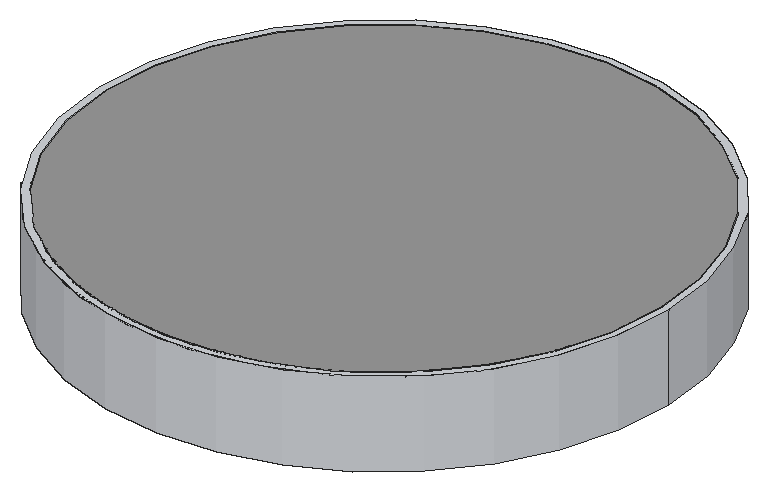
Revit family "2071116", category Lighting Fixtures, host Face, Revit 2018
Family settings
  Host = Face
  Round Connector Dimension = Use Diameter
  Part Type = Normal
  OmniClass Number = 23.80.70.00
  OmniClass Title = Lighting
  Cut with Voids When Loaded = No
  Light Source = Yes
  Shared = No
  Room Calculation Point = No
Parameters (values of type "2071116 COLOSSAL 400 840 PR DIR WHT")
  iner diameter = 390 mm
  Weight = "n/a"
  Wattage Comments = ""
  Wattage = 30 W
  WarrantyStartDate [instance] = "n/a"
  WarrantyGuarantorParts = "n/a"
  WarrantyDurationUnit = "n/a"
  WarrantyDurationParts = ""
  WarrantyDescription = "http://www.sylvania-lighting.com"
  built-in parameter 1150110 = 1 (stored number, unit not read)
  Voltage = 230 V
  URL = "0.93"
  TypeName = "COLOSSAL 400mm 840 PRISM DIR WHITE"
  Type Image = <None>
  Type Comments = "n/a"
  built-in parameter 1114217 = 1 (stored number, unit not read)
  Tilt Angle = -90.00°
  built-in parameter 1150109 = 1 (stored number, unit not read)
  built-in parameter 1150134 = (empty or 0)
  built-in parameter 1150113 = 1 (stored number, unit not read)
  SerialNumber [instance] = "n/a"
  Photometric Web File = "2071116.ies"
  Material_3_SYL = LED-Sylvania
  PowerFactor = 0
  PowerConsumption = "Lighting"
  NominalLength = 400 mm
  NominalHeight = 93 mm
  NominalDepth = 400 mm
  Name = "COLOSSAL 400mm 840 PRISM DIR WHITE"
  ModelReference = Name  # "COLOSSAL 400mm 840 PRISM DIR WHITE"
  ModelNumber = "2071116"
  Model = Name  # "COLOSSAL 400mm 840 PRISM DIR WHITE"
  Material = "Feilo Sylvania"
  ManufacturerName = "121 lm/W"
  Manufacturer = ""
  LuminousEfficacy = ""
  built-in parameter 1150105 = 270.44 (stored number, unit not read)
  Lumens = 3398.4 lm
  LuminaireType = "0"
  built-in parameter 1150115 = 1 (stored number, unit not read)
  LightOutputRatio = "LED"
  built-in parameter 1150137 = (empty or 0)
  built-in parameter 1150139 = (empty or 0)
  LampsType = Lamp  # "n/a"
  LampNominalLuminous = "4000 K"
  LampMacAdamStep = "80"
  LampColourTemperature = "LED"
  LampColourRenderingIndex = "16500"
  built-in parameter 1150112 = 1 (stored number, unit not read)
  built-in parameter 1150114 = 1 (stored number, unit not read)
  Lamp = "n/a"
  Keynote = "n/a"
  InstallationDate [instance] = "n/a"
  InputVoltage = "0"
  InputNominalFrequency = "4000"
  built-in parameter 1150132 = (empty or 0)
  built-in parameter 1150102 = (empty or 0)
  built-in parameter 1150107 = 3000 (stored number, unit not read)
  built-in parameter 1150138 = (empty or 0)
  IngressProtection = "IfcLightFixtureType"
  ImpactProtectionIndex = "IfcLightFixtureType"
  built-in parameter 1150106 = 2.7044 (stored number, unit not read)
  IfcExportType = "IfcLightFixtureType"
  IfcExportAs = "Class I"
  Emit from Circle Diameter = 385 mm
  Emit Shape Visible in Rendering = no
  ElectricShockClassification = "121"
  built-in parameter 1150104 = 10.524 (stored number, unit not read)
  DocumentationLiterature = "http://www.sylvania-lighting.com/product/en-int/products/2071116"
  DimmingControlOptions = "n/a"
  Material_2_SYL = Polycarbonate_Sylvania_White
  Dimming Lamp Color Temperature Shift = <None>
  Description = "400mm diameter circular architectural luminaire, can be surface mounted or suspended. Powder coated aluminium housing (RAL9016) with PMMA prismatic diffuser. Direct light distribution, 1935lm luminuous flux, 16W system power, 121lm/W luminiaire efficacy. Constant current driver. Colour rendering index Ra >80, 4000K Neutral White LED, chromaticity tolerance of 3-step MacAdam ellipse. IP40, IK03. 350mA drive current. UGR≤19. Electrical protection Class1, 220-240V. Reported lifetime 66k hours L90B10."
  Default Elevation = 1219.2 mm
  CreatedOn = "22/03/2022"
  CreatedBy = "@sylvania-lighting.com"
  Cost = 0
  Color Filter = 16777215
  built-in parameter 1114216 [instance] = (empty or 0)
  ClassificationValue = "EF_70_80"
  ClassificationName = "Uniclass2015"
  Material_1_SYL = Polycarbonate_Sylvania_Opal
  BarCode [instance] = "n/a"
  built-in parameter 1114218 = 1 (stored number, unit not read)
  built-in parameter 1150133 = 10 (stored number, unit not read)
  AssetType = "Fixed"
  AssetIdentifier [instance] = "n/a"
  Assembly Code = "D5020200"
  Apparent Load = 16 VA
  Material_4_SYL = none
Reference planes
  plane 1 "Center (Front/Back)": y = 0
  plane 2: z = 0
  plane 3 "Center (Left/Right)": x = 0
  plane 4: x = -200
  plane 5: x = 200
  plane 6: y = 200
  plane 7: y = -200
  plane 8: y = 236
  plane 9: y = -236
  plane 10: z = 93
  plane 11: y = 195
  plane 12: y = -195
  plane 13: y = 90.5
  plane 14: y = 144.5
  plane 15: through (52.25, 90.5, 1219.2) normal (0.866, 0.5, 0)
  plane 16: through (52.25, 90.5, 1219.2) normal (0.866, 0.5, 0)
  plane 17: through (63.706, 126.657, 1219.2) normal (0.866, 0.5, 0)
  plane 18: through (-104.5, 0, 1219.2) normal (-0.866, 0.5, 0)
  plane 19: through (-142.394, -9.633, 1219.2) normal (-0.866, 0.5, 0)
  plane 20: y = -90.5
  plane 21: y = -118.5
  plane 22: through (85.371, -141.133, 1219.2) normal (-0.866, 0.5, 0)
  plane 23: through (52.25, -90.5, 1219.2) normal (-0.866, 0.5, 0)
  plane 24: through (-161.658, 0, 1219.2) normal (0.866, 0.5, 0)
  plane 25: through (-172.12, 9.121, 1219.2) normal (0.866, 0.5, 0)
  plane 26: through (-104.5, 0, 1219.2) normal (0.866, 0.5, 0)
Forms (mm)
  Extrusion 1, solid, detail levels medium+fine
    sketch origin (0, 0, 0) x (1, 0, 0) y (0, 1, 0)
      loop
        circle (0, 0) r 200
    from 33.023 to 93
  Extrusion 2, void
    sketch origin (0, 0, 0) x (1, 0, 0) y (0, 1, 0)
      loop
        circle (0, 0) r 195
    from 93 to 37.292
  Extrusion 3, solid, material "Glass, White, High Luminance", detail levels fine
    sketch origin (0, 0, 0) x (1, 0, 0) y (0, 1, 0)
      loop
        circle (0, 0) r 195
    from 88.026 to 93
  Extrusion 4, solid, detail levels coarse
    sketch origin (0, 0, 0) x (1, 0, 0) y (0, 1, 0)
      loop
        line (-200, 200) -> (-200, -200) -> (200, -200) -> (200, 200) -> (-200, 200)
    from 0 to 93
  Blend 5, solid, detail levels medium+fine
    base sketch origin (0, 0, 0) x (1, 0, 0) y (0, 1, 0)
      loop
        line (-52.25, 90.5) -> (-104.5, 0) -> (-52.25, -90.5) -> (52.25, -90.5) -> (104.5, 0) -> (52.25, 90.5) -> (-52.25, 90.5)
    top sketch origin (0, 0, 0) x (1, 0, 0) y (0, 1, 0)
      loop
        line (-53.405, 144.5) -> (-149.245, -21.5) -> (-93.242, -118.5) -> (98.438, -118.5) -> (151.843, -26) -> (53.405, 144.5) -> (-53.405, 144.5)
    from 0 to 33.023
Cuts and joins
  Extrusion 2 cuts Extrusion 1
Dimensions and locks
  "NominalDepth": plane 6 to plane 7
  "NominalLength": plane 4 to plane 5
  equal spacing: plane 4, plane 3 "Center (Left/Right)", plane 5
  "iner diameter": plane 11 to plane 12
  equal spacing: plane 11, plane 1 "Center (Front/Back)", plane 12
  equal spacing: plane 6, plane 1 "Center (Front/Back)", plane 7
  "NominalHeight": plane 10 to level
  plane 19 to plane 18 = 28 mm
  radius of Extrusion 2 sketch curve = 195 mm
  aligned and locked: plane 2 to host face
  aligned and locked: level to host face
Automatic sketch dimensions
  host sketch curve to host sketch curve = 2438.4 mm  (x2)
  plane 1 "Center (Front/Back)" to Extrusion 1 sketch curve = 0 mm
  Extrusion 1 sketch curve to plane 3 "Center (Left/Right)" = 0 mm
  plane 1 "Center (Front/Back)" to Extrusion 2 sketch curve = 0 mm
  Extrusion 2 sketch curve to plane 3 "Center (Left/Right)" = 0 mm
  plane 1 "Center (Front/Back)" to Extrusion 3 sketch curve = 0 mm
  Extrusion 3 sketch curve to plane 3 "Center (Left/Right)" = 0 mm
  Extrusion 4 sketch curve to plane 4 = 0 mm
  Extrusion 4 sketch curve to plane 5 = 0 mm
  Extrusion 4 sketch curve to plane 7 = 0 mm
  Extrusion 4 sketch curve to plane 6 = 0 mm
  Blend 5 sketch curve to plane 19 = 0 mm  (x2)
  Blend 5 sketch curve to plane 24 = 0 mm  (x2)
  Blend 5 sketch curve to plane 21 = 0 mm
  Blend 5 sketch curve to plane 14 = 0 mm
  Blend 5 sketch curve to plane 17 = 0 mm  (x2)
  Blend 5 sketch curve to plane 22 = 0 mm  (x2)
  radius of Extrusion 1 sketch curve = 200 mm
  radius of Extrusion 3 sketch curve = 195 mm
Connectors
  electrical at (0, 0, 0), driven by "Apparent Load", driven by "PowerFactor", driven by "Voltage"
    settings: index 1, voltage 230 V, apparent load 16 VA, apparent load phase1 0 VA, apparent load phase2 0 VA, apparent load phase3 0 VA, power factor 0, load classification "Lighting", number of poles 1, system type 30, power factor state 1, is connector primary yes, connector utility no, sub classification motor no, connector description ""
